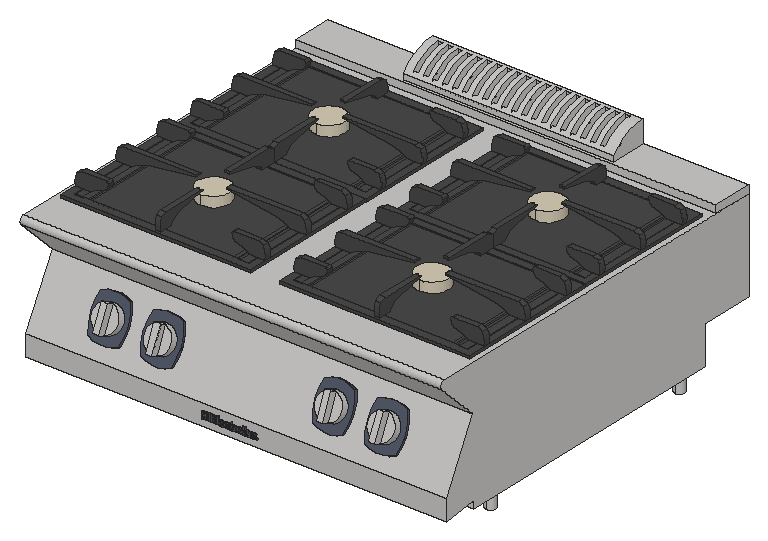
Revit family "QF_ELECTROLUXPROFESSIONAL_371401_E7AAKTAOMEI", category Attrezzature speciali, Revit 2018 (continued)
Definition of nested family "371009_BURNER"
  Parameters
    Item Number [instance] = ""
    Installed By [instance] = ""
    Identify Quantity as Lot [instance] = yes
    Furnished By [instance] = ""
    Foodservice Equipment Identifier [instance] = yes
    Description = ""
    CSI MasterFormat = ""
    CSI Master Format = ""
  Reference planes
    plane 1 "BACK": y = 0
    plane 2: z = 0
    plane 3 "LEFT": x = 0
    plane 4 "RIGHT": x = 800
    plane 5 "FRONT": y = -700
    plane 6 "TOP": z = 908.85
    plane 7 "Center Y": x = 400
    plane 8 "Center X": y = -350
    plane 9 "Base": z = 150
    plane 10: z = 850.85
  Forms (mm)
    Extrusion 1, solid
      sketch origin (0, -734.127, 5) x (1, 0, 0) y (0, 0, -1)
        loop
          arc (7.142, -850.85) -> (6.739, -862.989) -> (9.761, -874.752) r 42.809
          line (9.761, -874.752) -> (19.961, -879.425) -> (157.339, -879.425)
          arc (157.339, -879.425) -> (158.533, -878.312) -> (157.506, -877.043) r 1.197
          line (157.506, -877.043) -> (64.848, -864.021)
          arc (64.848, -864.021) -> (50.111, -858.738) -> (36.589, -850.85) r 85.245
          line (36.589, -850.85) -> (7.142, -850.85)
        loop
          line (367.858, -850.85) -> (338.411, -850.85)
          arc (338.411, -850.85) -> (324.889, -858.738) -> (310.152, -864.021) r 85.245
          line (310.152, -864.021) -> (217.494, -877.043)
          arc (217.494, -877.043) -> (216.467, -878.312) -> (217.661, -879.425) r 1.197
          line (217.661, -879.425) -> (355.039, -879.425) -> (365.239, -874.752)
          arc (365.239, -874.752) -> (368.261, -862.989) -> (367.858, -850.85) r 42.809
      from 224.564 to 234.564
    Extrusion 2, solid
      sketch origin (0, -734.127, 5) x (1, 0, 0) y (0, 0, -1)
        loop
          arc (7.056, -850.85) -> (6.705, -862.948) -> (9.748, -874.663) r 42.876
          line (9.748, -874.663) -> (19.961, -879.425) -> (65.851, -879.425)
          arc (65.851, -879.425) -> (68.577, -878.352) -> (69.841, -875.709) r 4
          arc (69.841, -875.709) -> (68.75, -869.25) -> (64.816, -864.012) r 13.87
          arc (64.816, -864.012) -> (50.096, -858.731) -> (36.589, -850.85) r 85.245
          line (36.589, -850.85) -> (7.056, -850.85)
        loop
          line (367.944, -850.85) -> (338.411, -850.85)
          arc (338.411, -850.85) -> (324.904, -858.731) -> (310.184, -864.012) r 85.245
          arc (310.184, -864.012) -> (306.25, -869.25) -> (305.159, -875.709) r 13.87
          arc (305.159, -875.709) -> (306.423, -878.352) -> (309.149, -879.425) r 4
          line (309.149, -879.425) -> (355.039, -879.425) -> (365.252, -874.663)
          arc (365.252, -874.663) -> (368.295, -862.948) -> (367.944, -850.85) r 42.876
      from 127.064 to 137.064
    Extrusion 3, solid
      sketch origin (0, -275, 5) x (1, 0, 0) y (0, 0, 1)
        loop
          arc (64.816, 864.012) -> (68.75, 869.25) -> (69.841, 875.709) r 13.87
          arc (69.841, 875.709) -> (68.577, 878.352) -> (65.851, 879.425) r 4
          line (65.851, 879.425) -> (19.961, 879.425) -> (9.748, 874.663)
          arc (9.748, 874.663) -> (6.705, 862.948) -> (7.056, 850.85) r 42.876
          line (7.056, 850.85) -> (36.589, 850.85)
          arc (36.589, 850.85) -> (50.096, 858.731) -> (64.816, 864.012) r 85.245
        loop
          arc (310.184, 864.012) -> (324.904, 858.731) -> (338.411, 850.85) r 85.245
          line (338.411, 850.85) -> (367.944, 850.85)
          arc (367.944, 850.85) -> (368.295, 862.948) -> (365.252, 874.663) r 42.876
          line (365.252, 874.663) -> (355.039, 879.425) -> (309.149, 879.425)
          arc (309.149, 879.425) -> (306.423, 878.352) -> (305.159, 875.709) r 4
          arc (305.159, 875.709) -> (306.25, 869.25) -> (310.184, 864.012) r 13.87
      from 127.064 to 137.064
    Extrusion 4, solid
      sketch origin (454.964, -29.48, 5) x (0, -1, 0) y (0, 0, 1)
        loop
          arc (366.649, 850.85) -> (375.927, 861.743) -> (389.337, 866.736) r 28.426
          line (389.337, 866.736) -> (441.256, 877.043)
          arc (441.256, 877.043) -> (442.283, 878.312) -> (441.089, 879.425) r 1.197
          line (441.089, 879.425) -> (347.797, 879.425)
          arc (347.797, 879.425) -> (343.211, 875.934) -> (337.583, 874.694) r 13.39
          line (337.583, 874.694) -> (337.583, 850.85) -> (366.649, 850.85)
        loop
          arc (606.236, 850.85) -> (606.587, 862.948) -> (603.543, 874.663) r 42.876
          line (603.543, 874.663) -> (593.33, 879.425) -> (509.077, 879.425)
          arc (509.077, 879.425) -> (507.883, 878.312) -> (508.911, 877.043) r 1.197
          line (508.911, 877.043) -> (560.83, 866.736)
          arc (560.83, 866.736) -> (574.239, 861.743) -> (583.518, 850.85) r 28.426
          line (583.518, 850.85) -> (606.236, 850.85)
      from 262.464 to 272.464
    Extrusion 5, solid
      sketch origin (0, 0, 850.85) x (0, -1, 0) y (1, 0, 0)
        loop
          line (642.216, 6.433) -> (642.216, 368.567) -> (367.857, 368.567) -> (367.857, 6.433) -> (642.216, 6.433)
        loop
          line (382.857, 21.433) -> (627.216, 21.433) -> (627.216, 353.567) -> (382.857, 353.567) -> (382.857, 21.433)
      from 0 to 5
    Extrusion 6, solid
      sketch origin (-12.5, 0, 855.85) x (0, -1, 0) y (1, 0, 0)
        loop
          circle (504.356, 200) r 30
      from -1.321 to 17.134
    Extrusion 7, solid
      sketch origin (0, -734.127, 0) x (1, 0, 0) y (0, 0, -1)
        loop
          line (21.433, -855.85) -> (36.589, -855.85)
          arc (36.589, -855.85) -> (40.561, -855.243) -> (44.305, -853.783) r 18.259
          arc (44.305, -853.783) -> (45.997, -853.366) -> (47.69, -853.783) r 3.649
          arc (47.69, -853.783) -> (49.901, -854.522) -> (52.232, -854.529) r 7.328
          line (52.232, -854.529) -> (322.768, -854.529)
          arc (322.768, -854.529) -> (325.099, -854.522) -> (327.31, -853.783) r 7.328
          arc (327.31, -853.783) -> (329.003, -853.366) -> (330.695, -853.783) r 3.649
          arc (330.695, -853.783) -> (334.439, -855.243) -> (338.411, -855.85) r 18.259
          line (338.411, -855.85) -> (353.567, -855.85) -> (353.567, -850.85) -> (21.433, -850.85) -> (21.433, -855.85)
      from 106.911 to 351.27
  Lines and regions (mm)
    symbolic lines
      curve 1: line (6.433, -642.216, 150) -> (368.567, -642.216, 150)
      curve 2: line (6.433, -367.857, 150) -> (6.433, -642.216, 150)
      curve 3: line (368.567, -367.857, 150) -> (192.5, -367.857, 150)
      curve 4: line (368.567, -642.216, 150) -> (368.567, -367.857, 150)
      curve 5: line (353.567, -382.857, 150) -> (192.5, -382.857, 150)
      curve 6: line (353.567, -627.216, 150) -> (353.567, -607.064, 150)
      curve 7: line (21.433, -627.216, 150) -> (182.5, -627.216, 150)
      curve 8: line (21.433, -382.857, 150) -> (21.433, -402.064, 150)
      curve 9: line (52.232, -627.216, 150) -> (52.232, -607.064, 150)
      curve 10: line (322.567, -382.857, 150) -> (322.567, -402.064, 150)
      curve 11: line (148.125, -499.564, 150) -> (148.125, -382.857, 150)
      curve 12: line (154.375, -382.857, 150) -> (154.375, -499.564, 150)
      curve 13: arc (148.297, -509.564, 150) -> (159.191, -533.254, 150) -> (182.5, -544.942, 150) r 39.375
      curve 14: arc (220.42, -509.564, 150) -> (211.39, -528.832, 150) -> (192.5, -538.631, 150) r 33.125
      curve 15: line (220.625, -382.857, 150) -> (220.625, -499.564, 150)
      curve 16: line (226.875, -499.564, 150) -> (226.875, -382.857, 150)
      curve 17: line (192.5, -636.339, 150) -> (192.5, -535.619, 150)
      curve 18: arc (182.657, -474.75, 150) -> (166.195, -483.236, 150) -> (157.853, -499.771, 150) r 30
      curve 19: arc (192.224, -533.982, 150) -> (208.621, -525.661, 150) -> (217.084, -509.337, 150) r 30
      curve 20: line (368.567, -597.064, 150) -> (305.159, -597.064, 150)
      curve 21: line (6.433, -607.064, 150) -> (69.841, -607.064, 150)
      curve 22: line (6.433, -509.564, 150) -> (156.429, -509.564, 150)
      curve 23: line (368.567, -499.564, 150) -> (218.571, -499.564, 150)
      curve 24: line (6.433, -412.064, 150) -> (69.841, -412.064, 150)
      curve 25: line (368.567, -402.064, 150) -> (305.159, -402.064, 150)
      curve 26: line (69.841, -597.064, 150) -> (6.433, -597.064, 150)
      curve 27: line (305.159, -607.064, 150) -> (368.567, -607.064, 150)
      curve 28: line (69.841, -402.064, 150) -> (6.433, -402.064, 150)
      curve 29: line (305.159, -412.064, 150) -> (368.567, -412.064, 150)
      curve 30: arc (69.841, -597.064, 150) -> (74.841, -602.064, 150) -> (69.841, -607.064, 150) r 5
      curve 31: arc (305.159, -607.064, 150) -> (300.159, -602.064, 150) -> (305.159, -597.064, 150) r 5
      curve 32: arc (69.841, -402.064, 150) -> (74.841, -407.064, 150) -> (69.841, -412.064, 150) r 5
      curve 33: arc (305.159, -412.064, 150) -> (300.159, -407.064, 150) -> (305.159, -402.064, 150) r 5
      curve 34: line (21.433, -412.064, 150) -> (21.433, -499.564, 150)
      curve 35: line (52.232, -402.064, 150) -> (52.232, -382.857, 150)
      curve 36: line (21.433, -509.564, 150) -> (21.433, -597.064, 150)
      curve 37: line (52.232, -499.564, 150) -> (52.232, -412.064, 150)
      curve 38: line (52.232, -597.064, 150) -> (52.232, -509.564, 150)
      curve 39: line (21.433, -607.064, 150) -> (21.433, -627.216, 150)
      curve 40: line (322.567, -607.064, 150) -> (322.567, -627.216, 150)
      curve 41: line (353.567, -597.064, 150) -> (353.567, -509.564, 150)
      curve 42: line (322.567, -509.564, 150) -> (322.567, -597.064, 150)
      curve 43: line (353.567, -499.564, 150) -> (353.567, -412.064, 150)
      curve 44: line (353.567, -402.064, 150) -> (353.567, -382.857, 150)
      curve 45: line (322.567, -412.064, 150) -> (322.567, -499.564, 150)
      curve 46: line (156.429, -499.564, 150) -> (6.433, -499.564, 150)
      curve 47: line (218.571, -509.564, 150) -> (368.567, -509.564, 150)
      curve 48: arc (218.571, -499.564, 150) -> (213.571, -504.564, 150) -> (218.571, -509.564, 150) r 5
      curve 49: arc (156.429, -499.564, 150) -> (161.429, -504.564, 150) -> (156.429, -509.564, 150) r 5
      curve 50: arc (157.916, -509.337, 150) -> (166.379, -525.661, 150) -> (182.776, -533.982, 150) r 30
      curve 51: arc (217.147, -499.771, 150) -> (208.805, -483.236, 150) -> (192.343, -474.75, 150) r 30
      curve 52: line (182.5, -535.619, 150) -> (182.5, -636.339, 150)
      curve 53: line (192.5, -473.508, 150) -> (192.5, -367.064, 150)
      curve 54: arc (192.5, -535.619, 150) -> (187.5, -530.619, 150) -> (182.5, -535.619, 150) r 5
      curve 55: arc (192.5, -473.508, 150) -> (187.5, -478.508, 150) -> (182.5, -473.508, 150) r 5
      curve 56: line (182.5, -367.857, 150) -> (6.433, -367.857, 150)
      curve 57: line (182.5, -382.857, 150) -> (21.433, -382.857, 150)
      curve 58: arc (192.5, -404.571, 150) -> (196.398, -417.071, 150) -> (192.5, -429.571, 150) r 21.993
      curve 59: arc (196.181, -420.148, 150) -> (199.482, -417.071, 150) -> (196.181, -413.995, 150) r 3.084
      curve 60: arc (182.5, -404.571, 150) -> (178.602, -417.071, 150) -> (182.5, -429.571, 150) r 21.993
      curve 61: arc (178.819, -420.148, 150) -> (175.518, -417.071, 150) -> (178.819, -413.995, 150) r 3.084
      curve 62: line (182.5, -367.064, 150) -> (182.5, -473.508, 150)
      curve 63: arc (182.5, -538.631, 150) -> (163.61, -528.832, 150) -> (154.58, -509.564, 150) r 33.125
      curve 64: arc (192.5, -544.942, 150) -> (215.809, -533.254, 150) -> (226.703, -509.564, 150) r 39.375
      curve 65: line (182.5, -636.339, 150) -> (192.5, -636.339, 150)
      curve 66: line (182.5, -377.277, 150) -> (192.5, -377.277, 150)
      curve 67: line (182.5, -367.064, 150) -> (192.5, -367.064, 150)
      curve 68: line (192.5, -627.216, 150) -> (353.567, -627.216, 150)
  Dimensions and locks
    equal spacing: plane 3 "LEFT", plane 7 "Center Y", plane 4 "RIGHT"
    plane 3 "LEFT" to plane 4 "RIGHT" = 800 mm
    equal spacing: plane 5 "FRONT", plane 8 "Center X", plane 1 "BACK"
    plane 5 "FRONT" to plane 1 "BACK" = 700 mm
    plane 6 "TOP" to level = 908.85 mm
    plane 9 "Base" to level = 150 mm
    plane 6 "TOP" to plane 10 = 58 mm  (x2)
    aligned and locked: level to plane 2
  Automatic sketch dimensions
    Extrusion 5 sketch curve to Extrusion 5 sketch curve = 15 mm  (x2)
    Extrusion 5 sketch curve to Extrusion 5 sketch curve = 332.134 mm
    plane 3 "LEFT" to Extrusion 2 sketch curve = 7.056 mm
    plane 3 "LEFT" to Extrusion 2 sketch curve = 9.748 mm
    Extrusion 2 sketch curve to Extrusion 2 sketch curve = 10.213 mm  (x2)
    plane 10 to Extrusion 2 sketch curve = 5 mm  (x2)
    Extrusion 2 sketch curve to Extrusion 2 sketch curve = 29.533 mm
    Extrusion 2 sketch curve to Extrusion 2 sketch curve = 12.72 mm  (x2)
    Extrusion 2 sketch curve to Extrusion 2 sketch curve = 6.697 mm
    Extrusion 2 sketch curve to Extrusion 2 sketch curve = 8.81 mm
    Extrusion 2 sketch curve to Extrusion 2 sketch curve = 9.845 mm  (x2)
    Extrusion 2 sketch curve to Extrusion 2 sketch curve = 3.99 mm  (x2)
    Extrusion 2 sketch curve to Extrusion 2 sketch curve = 0 mm  (x2)
    Extrusion 2 sketch curve to Extrusion 2 sketch curve = 36.813 mm
    Extrusion 2 sketch curve to plane 7 "Center Y" = 111.122 mm
    Extrusion 2 sketch curve to plane 6 "TOP" = 28.141 mm
    Extrusion 2 sketch curve to plane 7 "Center Y" = 94.841 mm
    Extrusion 2 sketch curve to Extrusion 2 sketch curve = 1.035 mm
    Extrusion 2 sketch curve to Extrusion 2 sketch curve = 15.507 mm
    Extrusion 2 sketch curve to Extrusion 2 sketch curve = 16.628 mm
    Extrusion 2 sketch curve to Extrusion 2 sketch curve = 2.692 mm
    Extrusion 2 sketch curve to plane 6 "TOP" = 24.425 mm
    Extrusion 2 sketch curve to Extrusion 2 sketch curve = 28.575 mm
    Extrusion 2 sketch curve to Extrusion 2 sketch curve = 3.716 mm
    Extrusion 2 sketch curve to Extrusion 2 sketch curve = 4.763 mm  (x2)
    plane 3 "LEFT" to Extrusion 1 sketch curve = 7.142 mm
    plane 3 "LEFT" to Extrusion 1 sketch curve = 9.761 mm
    Extrusion 1 sketch curve to Extrusion 1 sketch curve = 10.201 mm  (x2)
    plane 10 to Extrusion 1 sketch curve = 5 mm  (x2)
    Extrusion 1 sketch curve to Extrusion 1 sketch curve = 29.447 mm
    Extrusion 1 sketch curve to Extrusion 1 sketch curve = 12.704 mm  (x2)
    Extrusion 1 sketch curve to Extrusion 1 sketch curve = 15.555 mm  (x2)
    Extrusion 1 sketch curve to Extrusion 1 sketch curve = 36.829 mm
    Extrusion 1 sketch curve to plane 6 "TOP" = 24.425 mm  (x2)
    Extrusion 1 sketch curve to Extrusion 1 sketch curve = 92.491 mm
    Extrusion 1 sketch curve to plane 6 "TOP" = 26.807 mm  (x2)
    Extrusion 1 sketch curve to Extrusion 1 sketch curve = 0.167 mm  (x2)
    Extrusion 1 sketch curve to Extrusion 1 sketch curve = 59.988 mm
    Extrusion 1 sketch curve to plane 7 "Center Y" = 111.122 mm
    plane 10 to Extrusion 1 sketch curve = 18.171 mm
    Extrusion 1 sketch curve to Extrusion 1 sketch curve = 21.274 mm
    Extrusion 1 sketch curve to Extrusion 1 sketch curve = 16.628 mm
    Extrusion 1 sketch curve to Extrusion 1 sketch curve = 2.618 mm
    Extrusion 1 sketch curve to Extrusion 1 sketch curve = 4.673 mm  (x2)
    Extrusion 1 sketch curve to Extrusion 1 sketch curve = 5.694 mm
    plane 3 "LEFT" to Extrusion 3 sketch curve = 7.056 mm
    plane 3 "LEFT" to Extrusion 3 sketch curve = 9.748 mm
    Extrusion 3 sketch curve to Extrusion 3 sketch curve = 10.213 mm  (x2)
    plane 10 to Extrusion 3 sketch curve = 5 mm  (x2)
    Extrusion 3 sketch curve to Extrusion 3 sketch curve = 29.533 mm
    Extrusion 3 sketch curve to Extrusion 3 sketch curve = 12.72 mm  (x2)
    Extrusion 3 sketch curve to Extrusion 3 sketch curve = 6.697 mm
    Extrusion 3 sketch curve to Extrusion 3 sketch curve = 8.81 mm
    Extrusion 3 sketch curve to Extrusion 3 sketch curve = 9.845 mm  (x2)
    Extrusion 3 sketch curve to Extrusion 3 sketch curve = 3.99 mm  (x2)
    Extrusion 3 sketch curve to Extrusion 3 sketch curve = 0 mm  (x2)
    Extrusion 3 sketch curve to Extrusion 3 sketch curve = 36.813 mm
    Extrusion 3 sketch curve to plane 7 "Center Y" = 111.122 mm
    Extrusion 3 sketch curve to plane 6 "TOP" = 28.141 mm
    Extrusion 3 sketch curve to plane 7 "Center Y" = 94.841 mm
    Extrusion 3 sketch curve to Extrusion 3 sketch curve = 1.035 mm
    Extrusion 3 sketch curve to Extrusion 3 sketch curve = 15.507 mm
    Extrusion 3 sketch curve to Extrusion 3 sketch curve = 16.628 mm
    Extrusion 3 sketch curve to Extrusion 3 sketch curve = 2.692 mm
    Extrusion 3 sketch curve to plane 10 = 64.377 mm  (x2)
    plane 10 to Extrusion 3 sketch curve = 12.281 mm  (x2)
    Extrusion 3 sketch curve to Extrusion 3 sketch curve = 10.713 mm
    Extrusion 5 to Extrusion 6 sketch curve = 121.499 mm
    Extrusion 5 to Extrusion 6 sketch curve = 166.067 mm
    plane 3 "LEFT" to Extrusion 5 sketch curve = 21.433 mm
    Extrusion 5 sketch curve to plane 5 "FRONT" = 72.784 mm
    plane 3 "LEFT" to Extrusion 7 sketch curve = 21.433 mm
    Extrusion 7 sketch curve to Extrusion 7 sketch curve = 14.402 mm
    plane 10 to Extrusion 7 sketch curve = 5 mm
    plane 10 to Extrusion 7 sketch curve = 2.933 mm  (x4)
    Extrusion 7 sketch curve to Extrusion 7 sketch curve = 7.716 mm  (x2)
    Extrusion 7 sketch curve to Extrusion 7 sketch curve = 0 mm  (x2)
    Extrusion 7 sketch curve to Extrusion 7 sketch curve = 1.692 mm  (x2)
    Extrusion 7 sketch curve to Extrusion 7 sketch curve = 3.385 mm  (x2)
    Extrusion 7 sketch curve to plane 10 = 3.559 mm  (x2)
    Extrusion 7 sketch curve to Extrusion 7 sketch curve = 302.478 mm
    Extrusion 7 sketch curve to Extrusion 7 sketch curve = 15.253 mm
    Extrusion 7 sketch curve to Extrusion 7 sketch curve = 15.156 mm  (x2)
    Extrusion 7 sketch curve to Extrusion 7 sketch curve = 3.233 mm
    Extrusion 7 sketch curve to plane 10 = 0 mm
    Extrusion 7 sketch curve to plane 7 "Center Y" = 77.232 mm
    Extrusion 5 sketch curve to plane 8 "Center X" = 32.857 mm
    plane 3 "LEFT" to Extrusion 5 sketch curve = 6.433 mm
    plane 1 "BACK" to Extrusion 5 sketch curve = 367.857 mm
    plane 10 to Extrusion 4 sketch curve = 5 mm  (x2)
    Extrusion 4 sketch curve to Extrusion 4 sketch curve = 29.066 mm
    Extrusion 4 sketch curve to Extrusion 4 sketch curve = 22.688 mm
    Extrusion 4 sketch curve to plane 10 = 7.392 mm  (x2)
    Extrusion 4 sketch curve to Extrusion 4 sketch curve = 25.583 mm
    Extrusion 4 sketch curve to plane 6 "TOP" = 24.425 mm  (x2)
    Extrusion 4 sketch curve to Extrusion 4 sketch curve = 51.752 mm
    Extrusion 4 sketch curve to Extrusion 4 sketch curve = 0.167 mm  (x2)
    Extrusion 4 sketch curve to plane 6 "TOP" = 26.807 mm
    Extrusion 4 sketch curve to Extrusion 4 sketch curve = 67.655 mm
    Extrusion 4 sketch curve to Extrusion 4 sketch curve = 49.024 mm
    Extrusion 4 sketch curve to Extrusion 4 sketch curve = 2.895 mm
    Extrusion 4 sketch curve to Extrusion 4 sketch curve = 3.153 mm
    Extrusion 4 sketch curve to Extrusion 4 sketch curve = 19.535 mm
    Extrusion 4 sketch curve to Extrusion 4 sketch curve = 9.813 mm
    Extrusion 4 sketch curve to Extrusion 4 sketch curve = 10.213 mm
    Extrusion 4 sketch curve to Extrusion 4 sketch curve = 22.718 mm
    Extrusion 4 sketch curve to Extrusion 4 sketch curve = 8.605 mm
    Extrusion 4 sketch curve to Extrusion 4 sketch curve = 4.731 mm
    Extrusion 4 sketch curve to Extrusion 4 sketch curve = 2.382 mm
    Extrusion 4 sketch curve to Extrusion 4 sketch curve = 8.658 mm
    Extrusion 4 sketch curve to plane 8 "Center X" = 17.064 mm
    curve 13 to curve 14 = 0 mm  (x2)
    curve 13 to curve 63 = 0 mm  (x2)
    curve 13 to curve 64 = 0 mm  (x2)
    curve 18 to curve 19 = 0 mm  (x2)
    curve 18 to curve 50 = 0 mm  (x2)
    curve 18 to curve 51 = 0 mm  (x2)
    curve 25 to plane 7 "Center Y" = 31.433 mm
    curve 3 to curve 44 = 15 mm
    curve 43 to curve 44 = 0 mm
    curve 1 to curve 68 = 15 mm
    curve 41 to curve 43 = 0 mm
    curve 6 to curve 40 = 31 mm
    curve 41 to curve 42 = 31 mm
    curve 43 to curve 45 = 31 mm
    curve 10 to curve 45 = 0 mm
    curve 40 to curve 27 = 17.408 mm
    curve 45 to curve 29 = 17.408 mm
    curve 16 to curve 64 = 0.172 mm
    curve 16 to curve 15 = 6.25 mm
    curve 64 to curve 14 = 6.283 mm
    curve 15 to curve 23 = 2.054 mm
    curve 23 to curve 51 = 1.424 mm
    curve 47 to curve 19 = 1.487 mm
    curve 15 to curve 60 = 20.029 mm
    curve 60 to curve 59 = 4.198 mm
    curve 59 to curve 59 = 0.216 mm  (x2)
    curve 19 to curve 64 = 24.584 mm
    curve 55 to curve 51 = 0.157 mm
    curve 54 to curve 19 = 0.276 mm
    curve 19 to curve 64 = 4.724 mm
    curve 18 to curve 13 = 0 mm
    curve 54 to curve 54 = 5 mm
    curve 50 to curve 54 = 0.276 mm
    curve 18 to curve 55 = 0.157 mm
    curve 60 to curve 61 = 3.681 mm
    curve 61 to curve 61 = 0 mm
    curve 61 to curve 61 = 0.216 mm
    curve 61 to curve 58 = 4.198 mm
    curve 13 to curve 50 = 29.584 mm
    curve 50 to curve 18 = 0.064 mm
    curve 50 to curve 22 = 1.487 mm
    curve 22 to curve 63 = 1.849 mm
    curve 49 to curve 12 = 2.054 mm
    curve 63 to curve 13 = 6.283 mm
    curve 12 to curve 11 = 6.25 mm
    plane 3 "LEFT" to curve 30 = 69.841 mm
    plane 3 "LEFT" to curve 28 = 69.841 mm
    plane 3 "LEFT" to curve 38 = 52.232 mm
    curve 24 to curve 37 = 17.609 mm
    curve 9 to curve 38 = 0 mm
    curve 28 to curve 35 = 17.609 mm
    plane 3 "LEFT" to curve 39 = 21.433 mm
    plane 3 "LEFT" to curve 8 = 21.433 mm
    curve 34 to curve 8 = 0 mm
    curve 36 to curve 34 = 0 mm
    plane 3 "LEFT" to curve 21 = 6.433 mm
    curve 67 to curve 56 = 0.794 mm
    curve 67 to curve 3 = 0.794 mm
    curve 56 to curve 66 = 9.419 mm
    curve 10 to curve 33 = 19.206 mm
    curve 8 to curve 8 = 19.206 mm
    curve 57 to curve 60 = 21.714 mm
    curve 60 to curve 58 = 0 mm
    curve 28 to curve 32 = 5 mm
    curve 33 to curve 33 = 5 mm
    curve 58 to curve 59 = 9.423 mm
    curve 61 to curve 58 = 3.077 mm
    curve 60 to curve 62 = 43.937 mm
    curve 51 to curve 15 = 24.814 mm
    curve 23 to curve 51 = 0.207 mm
    curve 18 to curve 13 = 1.529 mm
    curve 38 to curve 38 = 87.5 mm
    curve 42 to curve 31 = 87.5 mm
    curve 26 to curve 30 = 5 mm
    curve 31 to curve 31 = 5 mm
    curve 9 to curve 9 = 20.152 mm
    curve 65 to plane 5 "FRONT" = 63.661 mm
    curve 6 to curve 4 = 15 mm
    curve 55 to curve 55 = 5 mm
    curve 53 to curve 18 = 5 mm
    curve 45 to curve 16 = 95.692 mm
    curve 2 to curve 57 = 15 mm
    curve 10 to plane 8 "Center X" = 32.857 mm
    curve 57 to plane 8 "Center X" = 32.857 mm
    curve 6 to curve 68 = 20.152 mm
    radius of Extrusion 6 sketch curve = 30 mm
Types (2, lengths in mm): name | URL | Modello | Produttore | Gas Size | Descrizione
  (no name) | "www.electrolux.com" | "371001" | "ELECTROLUX" | 0" | "700XP 4-Burner Gas Boiling Top"
  Standard | "https://www.electroluxprofessional.com/" | "E7AAKTAOMEI" | "Electrolux Professional" | 1/2" | "4-BURNER GAS BOILING TOP 800MM - QMARK"
